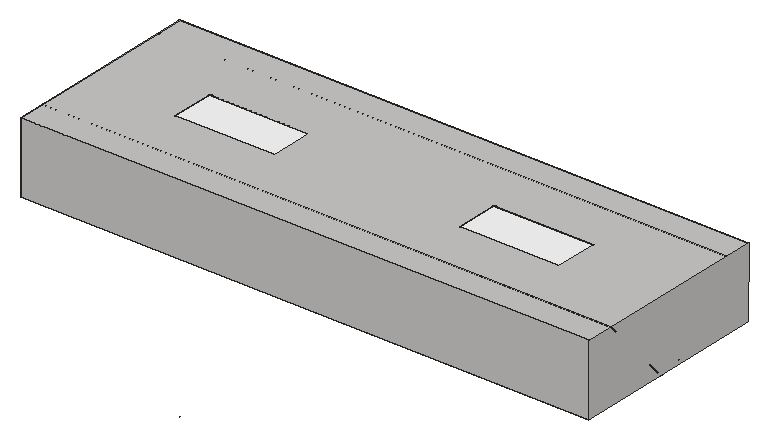
Revit family "QF_ELECTROLUXPROFESSIONAL_642036_EC1440T", category Specialty Equipment, Revit 2014
Reference planes
  plane 1: z = 0
  plane 2 "Center (Left/Right)": x = 150
  plane 3 "LEFT": x = -1850
  plane 4 "RIGHT": x = 2150
  plane 5 "BACK": y = 550
  plane 6 "TOP": z = 2500
  plane 7 "Base": z = 2000
  plane 8: z = 1946
  plane 9: x = -1847
  plane 10 "DrainX": x = 1999
  plane 11 "AOLeft2": x = -500
  plane 12 "AORight1": x = 800
  plane 13: x = 2147
  plane 14: x = -1650
  plane 15: x = 1950
  plane 16: x = 50
  plane 17: x = 250
  plane 18 "AOLeft1": x = -1200
  plane 19 "AORight2": x = 1500
  plane 20: y = 0
  plane 21: y = -300
  plane 22: y = -150
  plane 23: y = -850
  plane 24: through (0, 260.354, 2382.279) normal (0, 0.766, -0.6428)
  plane 25: through (0, -560.351, 2382.279) normal (0, -0.766, -0.6428)
  plane 26: through (0, 272.154, 2402.468) normal (0, -0.753, 0.6581)
  plane 27: through (0, -572.152, 2402.468) normal (0, -0.753, -0.6581)
Forms (mm)
  Extrusion 1, solid, material "QF_Finishes_Stainless Steel"
    sketch origin (-1850, 0, 360) x (0, 1, 0) y (0, 0, 1)
      loop
        line (550, 1640) -> (550, 2140) -> (-850, 2140) -> (-850, 1640) -> (550, 1640)
    from 0 to 3
  Extrusion 2, solid, material "QF_Finishes_Stainless Steel"
    sketch origin (2150, 0, 360) x (0, 1, 0) y (0, 0, 1)
      loop
        line (550, 1640) -> (550, 2140) -> (-850, 2140) -> (-850, 1640) -> (550, 1640)
    from 0 to -3
  Extrusion 3, solid, material "QF_Finishes_Stainless Steel"
    sketch origin (150, 0, 360) x (0, 1, 0) y (0, 0, 1)
      loop
        line (-850, 2140) -> (-850, 1640) -> (-840, 1640) -> (-840, 1640.8) -> (-849.2, 1640.8) -> (-849.2, 2139.19) -> (549.2, 2139.19) -> (549.2, 1640.8) -> (540, 1640.8) -> (540, 1640) -> (550, 1640) -> (550, 2140) -> (-850, 2140)
    from -2000 to 2000
  Extrusion 4, solid, material "QF_Finishes_Stainless Steel"
    sketch origin (0, -600, 2000) x (0, 1, 0) y (-1, 0, 0)
      loop
        circle (450, -1999) r 6.35
    from -3.799 to 0
  Extrusion 5, void
    sketch origin (0, 400, 2500) x (0, 1, 0) y (-1, 0, 0)
      loop
        line (-400, 500) -> (-400, 1200) -> (-700, 1200) -> (-700, 500) -> (-400, 500)
    from 0 to -10
  Extrusion 6, solid, material "QF_Finishes_Stainless Steel"
    sketch origin (0, 0, 0) x (1, 0, 0) y (0, 1, 0)
      loop
        line (-1850, 550) -> (-1850, 549) -> (-1849, 549) -> (-1849, 550) -> (-1850, 550)
    from 0 to 1
  Extrusion 7, solid, material "QF_Finishes_Stainless Steel"
    sketch origin (150, 0, 360) x (0, 1, 0) y (0, 0, 1)
      loop
        line (-79.471, 1685.734) -> (-56.882, 1665.992) -> (272.154, 2042.468) -> (249.566, 2062.21) -> (-79.471, 1685.734)
      loop
        line (-572.152, 2042.468) -> (-243.115, 1665.992) -> (-220.526, 1685.734) -> (-549.563, 2062.21) -> (-572.152, 2042.468)
    from -1800 to -1997
  Extrusion 8, solid, material "QF_Finishes_Stainless Steel"
    sketch origin (150, 0, 360) x (0, 1, 0) y (0, 0, 1)
      loop
        line (260.354, 2022.279) -> (358.454, 2139.19) -> (357.41, 2139.19) -> (266.169, 2030.453) -> (264.331, 2031.996) -> (257.903, 2024.336) -> (260.354, 2022.279)
      loop
        line (-39.202, 1672.761) -> (-56.017, 1663.363) -> (-81.407, 1685.429) -> (-81.974, 1684.862) -> (-54.914, 1661.345) -> (-90.242, 1641.601) -> (-209.758, 1641.601) -> (-245.086, 1661.345) -> (-218.026, 1684.862) -> (-218.593, 1685.429) -> (-243.983, 1663.363) -> (-260.798, 1672.761) -> (-262.311, 1670.055) -> (-209.966, 1640.801) -> (-90.034, 1640.801) -> (-37.689, 1670.055) -> (-39.202, 1672.761)
      loop
        line (-560.354, 2022.279) -> (-557.903, 2024.336) -> (-564.331, 2031.996) -> (-566.169, 2030.453) -> (-657.41, 2139.19) -> (-658.454, 2139.19) -> (-560.354, 2022.279)
    from -1997 to 1997
  Extrusion 9, solid, material "QF_Finishes_Stainless Steel"
    sketch origin (150, 0, 360) x (0, 1, 0) y (0, 0, 1)
      loop
        line (272.154, 2042.468) -> (249.566, 2062.21) -> (-79.471, 1685.734) -> (-56.882, 1665.992) -> (272.154, 2042.468)
      loop
        line (-572.154, 2042.468) -> (-243.118, 1665.992) -> (-220.529, 1685.734) -> (-549.566, 2062.21) -> (-572.154, 2042.468)
    from 1997 to 1800
  Extrusion 10, solid, material "QF_Finishes_Stainless Steel"
    sketch origin (150, 0, 360) x (0, 1, 0) y (0, 0, 1)
      loop
        line (272.154, 2042.468) -> (249.566, 2062.21) -> (-79.471, 1685.734) -> (-56.882, 1665.992) -> (272.154, 2042.468)
      loop
        line (-572.154, 2042.468) -> (-243.118, 1665.992) -> (-220.529, 1685.734) -> (-549.566, 2062.21) -> (-572.154, 2042.468)
    from -100 to 100
  Extrusion 11, solid, material "QF_Finished_Chrome"
    sketch origin (150, 0, 360) x (0, 1, 0) y (0, 0, 1)
      loop
        line (249.566, 2062.21) -> (-79.471, 1685.734) -> (-56.882, 1665.992) -> (272.154, 2042.468) -> (249.566, 2062.21)
      loop
        line (-549.566, 2062.21) -> (-572.154, 2042.468) -> (-243.118, 1665.992) -> (-220.529, 1685.734) -> (-549.566, 2062.21)
    from -1800 to -100
  Extrusion 12, solid, material "QF_Finished_Chrome"
    sketch origin (150, 0, 360) x (0, 1, 0) y (0, 0, 1)
      loop
        line (272.154, 2042.468) -> (249.566, 2062.21) -> (-79.471, 1685.734) -> (-56.882, 1665.992) -> (272.154, 2042.468)
      loop
        line (-572.154, 2042.468) -> (-243.118, 1665.992) -> (-220.529, 1685.734) -> (-549.566, 2062.21) -> (-572.154, 2042.468)
    from 100 to 1800
  Sweep 13, solid, material "QF_Finishes_Stainless Steel"
    path origin (0, 0, 0) x (1, 0, 0) y (0, 1, 0)
      loop
        line (2150, 550) -> (-1850, 550) -> (-1850, -850) -> (2150, -850) -> (2150, 550)
    profile origin (2150, -150, 0) x (1, 0, 0) y (0, 0, 1)
      loop
        line (-3, 2000) -> (-3, 2000.8) -> (-19, 2000.8) -> (-19, 2010) -> (-20, 2010) -> (-20, 2000) -> (-3, 2000)
  Extrusion 14, void
    sketch origin (0, 400, 2500) x (0, 1, 0) y (-1, 0, 0)
      loop
        line (-400, -1500) -> (-400, -800) -> (-700, -800) -> (-700, -1500) -> (-400, -1500)
    from 0 to -10
  Extrusion 15, solid, material "QF_Finishes_Stainless Steel"
    sketch origin (1999, 0, 0) x (0, 1, 0) y (0, 0, 1)
      loop
        arc (-105.855, 1994.063) -> (-104.106, 1996.894) -> (-100.969, 1998.001) r 5
        line (-100.969, 1998.001) -> (-94.999, 1998.001) -> (-94.999, 2000.8) -> (-204.999, 2000.8) -> (-204.999, 1998.001) -> (-199.028, 1998.001)
        arc (-199.028, 1998.001) -> (-195.891, 1996.894) -> (-194.142, 1994.063) r 5
        line (-194.142, 1994.063) -> (-187.139, 1955.845)
        arc (-187.139, 1955.845) -> (-182.768, 1948.768) -> (-174.924, 1946) r 12.5
        line (-174.924, 1946) -> (-125.073, 1946)
        arc (-125.073, 1946) -> (-117.229, 1948.768) -> (-112.859, 1955.845) r 12.5
        line (-112.859, 1955.845) -> (-105.855, 1994.063)
    from -90 to 90
Cuts and joins
  Extrusion 5, Extrusion 14 cuts Extrusion 3
  joined: Extrusion 2, Extrusion 3, Sweep 13
Lines and regions (mm)
  symbolic lines, style "SpecialityEquipment", detail levels coarse
    curve 1: line (2150, 550, 2500) -> (-1850, 550, 2500)
    curve 2: line (-1850, 550, 2500) -> (-1850, -850, 2500)
    curve 3: line (2150, -850, 2500) -> (2150, 550, 2500)
    curve 4: line (-1850, 550, 0) -> (2150, -850, 0)
    curve 5: line (2150, 550, 0) -> (-1850, -850, 0)
  symbolic lines, detail levels coarse
    curve 6: line (-1850, -850, 0) -> (2150, -850, 0)
    curve 7: line (-500, 0, 0) -> (-1200, 0, 0)
    curve 8: line (-500, -300, 0) -> (-500, 0, 0)
    curve 9: line (-1200, -300, 0) -> (-500, -300, 0)
    curve 10: line (-1200, 0, 0) -> (-1200, -300, 0)
    curve 11: line (1500, 0, 0) -> (800, 0, 0)
    curve 12: line (1500, -300, 0) -> (1500, 0, 0)
    curve 13: line (800, -300, 0) -> (1500, -300, 0)
    curve 14: line (800, 0, 0) -> (800, -300, 0)
Dimensions and locks
  plane 3 "LEFT" to plane 4 "RIGHT" = 4000 mm
  equal spacing: plane 3 "LEFT", plane 2 "Center (Left/Right)", plane 4 "RIGHT"
  plane 3 "LEFT" to plane 9 = 3 mm
  plane 10 "DrainX" to plane 4 "RIGHT" = 151 mm
  plane 13 to plane 4 "RIGHT" = 3 mm
  plane 3 "LEFT" to plane 14 = 200 mm
  plane 15 to plane 4 "RIGHT" = 200 mm
  locked: plane 11 "AOLeft2" to plane 12 "AORight1" at 1300
  equal spacing: plane 11 "AOLeft2", plane 2 "Center (Left/Right)", plane 12 "AORight1"
  locked: plane 7 "Base" to level at 2000
  locked: plane 6 "TOP" to plane 7 "Base" at 500
  locked: plane 16 to plane 17 at 200
  equal spacing: plane 16, plane 2 "Center (Left/Right)", plane 17
  plane 18 "AOLeft1" to plane 11 "AOLeft2" = 700 mm
  plane 12 "AORight1" to plane 19 "AORight2" = 700 mm
  plane 5 "BACK" to plane 23 = 1400 mm  (x2)
  equal spacing: plane 5 "BACK", plane 22, plane 23
  locked: plane 20 to plane 21 at 300
  equal spacing: plane 20, plane 22, plane 21
  plane 7 "Base" to plane 8 = 54 mm
  aligned and locked: level to plane 1
  aligned and locked: plane 4 "RIGHT" to Extrusion 3
  aligned and locked: Extrusion 3 to plane 3 "LEFT"
  aligned and locked: Extrusion 7 to plane 9
  aligned and locked: Extrusion 7 to plane 14
  aligned and locked: Extrusion 2 to plane 13
  aligned and locked: plane 13 to Extrusion 9
  aligned and locked: plane 15 to Extrusion 9
  aligned and locked: plane 17 to Extrusion 10
  aligned and locked: Extrusion 10 to plane 16
  aligned and locked: plane 16 to Extrusion 11
  aligned and locked: Extrusion 11 to plane 14
  aligned and locked: Extrusion 12 to plane 17
  aligned and locked: Extrusion 12 to plane 15
  aligned and locked: Extrusion 8 to plane 9
  aligned and locked: plane 13 to Extrusion 8
  aligned and locked: Extrusion 5 to plane 18 "AOLeft1"
  aligned and locked: Extrusion 5 to plane 11 "AOLeft2"
  aligned and locked: plane 12 "AORight1" to Extrusion 14
  aligned and locked: plane 19 "AORight2" to Extrusion 14
  aligned and locked: plane 20 to curve 7
  aligned and locked: curve 9 to plane 21
  aligned and locked: plane 20 to curve 11
  aligned and locked: curve 13 to plane 21
  aligned and locked: plane 20 to Extrusion 5 sketch curve
  aligned and locked: Extrusion 5 sketch curve to plane 21
  aligned and locked: plane 20 to Extrusion 14 sketch curve
Automatic sketch dimensions
  Extrusion 1 sketch curve to plane 7 "Base" = 0 mm
  Extrusion 1 sketch curve to plane 5 "BACK" = 0 mm
  Extrusion 1 sketch curve to plane 6 "TOP" = 0 mm
  Extrusion 2 sketch curve to plane 7 "Base" = 0 mm
  Extrusion 2 sketch curve to plane 5 "BACK" = 0 mm
  Extrusion 2 sketch curve to plane 6 "TOP" = 0 mm
  Extrusion 3 sketch curve to plane 6 "TOP" = 0 mm
  Extrusion 3 sketch curve to plane 7 "Base" = 0 mm  (x2)
  Extrusion 3 sketch curve to plane 5 "BACK" = 0 mm
  Extrusion 3 sketch curve to Extrusion 3 sketch curve = 9.2 mm
  plane 7 "Base" to Extrusion 3 sketch curve = 0.8 mm  (x2)
  Extrusion 3 sketch curve to plane 5 "BACK" = 10 mm
  Extrusion 3 sketch curve to plane 5 "BACK" = 0.8 mm
  Extrusion 3 sketch curve to plane 6 "TOP" = 0.81 mm
  Extrusion 4 sketch curve to plane 10 "DrainX" = 0 mm
  Extrusion 5 sketch curve to plane 11 "AOLeft2" = 0 mm
  Extrusion 5 sketch curve to plane 18 "AOLeft1" = 0 mm
  Extrusion 6 sketch curve to plane 3 "LEFT" = 0 mm
  Extrusion 6 sketch curve to plane 5 "BACK" = 0 mm
  plane 3 "LEFT" to Extrusion 6 sketch curve = 1 mm
  Extrusion 6 sketch curve to Extrusion 6 sketch curve = 1 mm
  Sweep 13 sketch curve to plane 3 "LEFT" = 0 mm
  Sweep 13 sketch curve to plane 4 "RIGHT" = 0 mm
  Sweep 13 sketch curve to plane 5 "BACK" = 0 mm
  profile plane to Sweep 13 sketch curve = 20 mm
  Sweep 13 sketch curve to Sweep 13 sketch curve = 1 mm
  profile plane to Sweep 13 sketch curve = 3 mm
  level to Sweep 13 sketch curve = 2000 mm
  Sweep 13 sketch curve to Sweep 13 sketch curve = 0.8 mm
  Sweep 13 sketch curve to Sweep 13 sketch curve = 9.2 mm
  Extrusion 14 sketch curve to plane 11 "AOLeft2" = 2000 mm
  plane 18 "AOLeft1" to Extrusion 14 sketch curve = 2000 mm
  Extrusion 14 sketch curve to Extrusion 14 sketch curve = 300 mm
  Extrusion 1 sketch curve to plane 21 = 550 mm
  Extrusion 2 sketch curve to plane 21 = 550 mm
  Extrusion 3 sketch curve to plane 21 = 540 mm
  Extrusion 3 sketch curve to Extrusion 3 sketch curve = 0.8 mm
  Sweep 13 sketch curve to plane 21 = 550 mm
  curve 5 to plane 3 "LEFT" = 0 mm
  curve 4 to plane 3 "LEFT" = 0 mm
  curve 10 to plane 18 "AOLeft1" = 0 mm
  curve 8 to plane 11 "AOLeft2" = 0 mm
  curve 14 to plane 12 "AORight1" = 0 mm
  curve 12 to plane 19 "AORight2" = 0 mm
  curve 5 to plane 4 "RIGHT" = 0 mm
  curve 6 to plane 4 "RIGHT" = 0 mm
  curve 4 to plane 5 "BACK" = 0 mm
  curve 5 to plane 5 "BACK" = 0 mm
  curve 6 to plane 23 = 0 mm
  Extrusion 7 sketch curve to plane 26 = 0 mm  (x2)
  Extrusion 7 sketch curve to plane 6 "TOP" = 77.79 mm  (x2)
  plane 7 "Base" to Extrusion 7 sketch curve = 25.992 mm  (x2)
  plane 7 "Base" to Extrusion 7 sketch curve = 45.734 mm
  Extrusion 7 sketch curve to plane 27 = 0 mm
  plane 27 to Extrusion 7 sketch curve = 0 mm
  Extrusion 7 sketch curve to plane 22 = 70.526 mm
  Extrusion 11 sketch curve to plane 26 = 0 mm  (x2)
  Extrusion 11 sketch curve to plane 21 = 272.154 mm
  Extrusion 11 sketch curve to plane 6 "TOP" = 77.79 mm  (x2)
  Extrusion 11 sketch curve to Extrusion 11 sketch curve = 22.589 mm
  plane 7 "Base" to Extrusion 11 sketch curve = 25.992 mm  (x2)
  plane 21 to Extrusion 11 sketch curve = 56.882 mm
  plane 22 to Extrusion 11 sketch curve = 70.529 mm
  Extrusion 10 sketch curve to plane 26 = 0 mm  (x2)
  Extrusion 10 sketch curve to plane 21 = 272.154 mm
  Extrusion 10 sketch curve to plane 6 "TOP" = 77.79 mm  (x2)
  Extrusion 10 sketch curve to Extrusion 10 sketch curve = 22.589 mm
  plane 7 "Base" to Extrusion 10 sketch curve = 25.992 mm  (x2)
  plane 21 to Extrusion 10 sketch curve = 56.882 mm
  plane 22 to Extrusion 10 sketch curve = 70.529 mm
  Extrusion 12 sketch curve to plane 26 = 0 mm  (x2)
  Extrusion 12 sketch curve to plane 21 = 272.154 mm
  Extrusion 12 sketch curve to plane 6 "TOP" = 77.79 mm  (x2)
  Extrusion 12 sketch curve to Extrusion 12 sketch curve = 22.589 mm
  plane 7 "Base" to Extrusion 12 sketch curve = 25.992 mm  (x2)
  plane 21 to Extrusion 12 sketch curve = 56.882 mm
  plane 22 to Extrusion 12 sketch curve = 70.529 mm
  Extrusion 9 sketch curve to plane 26 = 0 mm  (x2)
  Extrusion 9 sketch curve to plane 21 = 272.154 mm
  Extrusion 9 sketch curve to plane 6 "TOP" = 77.79 mm  (x2)
  Extrusion 9 sketch curve to Extrusion 9 sketch curve = 22.589 mm
  plane 7 "Base" to Extrusion 9 sketch curve = 25.992 mm  (x2)
  plane 21 to Extrusion 9 sketch curve = 56.882 mm
  plane 22 to Extrusion 9 sketch curve = 70.529 mm
  Extrusion 4 sketch curve to plane 22 = 0 mm
  plane 7 "Base" to Extrusion 15 sketch curve = 0.8 mm
  Extrusion 15 sketch curve to plane 22 = 54.999 mm
  Extrusion 15 sketch curve to Extrusion 15 sketch curve = 5.97 mm  (x2)
  Extrusion 15 sketch curve to Extrusion 15 sketch curve = 4.886 mm  (x2)
  plane 8 to Extrusion 15 sketch curve = 9.845 mm  (x2)
  Extrusion 15 sketch curve to Extrusion 15 sketch curve = 7.004 mm  (x2)
  plane 8 to Extrusion 15 sketch curve = 12.5 mm
  Extrusion 15 sketch curve to Extrusion 15 sketch curve = 12.215 mm  (x2)
  plane 22 to Extrusion 15 sketch curve = 24.927 mm
  Extrusion 15 sketch curve to plane 7 "Base" = 5.937 mm
  Extrusion 15 sketch curve to plane 7 "Base" = 1.999 mm  (x2)
  Extrusion 15 sketch curve to Extrusion 15 sketch curve = 1.062 mm
  plane 24 to Extrusion 8 sketch curve = 0 mm  (x2)
  Extrusion 8 sketch curve to plane 6 "TOP" = 0.81 mm  (x2)
  plane 23 to Extrusion 8 sketch curve = 191.546 mm
  Extrusion 8 sketch curve to Extrusion 8 sketch curve = 1.044 mm
  Extrusion 8 sketch curve to plane 6 "TOP" = 109.547 mm  (x2)
  Extrusion 8 sketch curve to Extrusion 8 sketch curve = 91.241 mm
  Extrusion 8 sketch curve to plane 6 "TOP" = 108.004 mm  (x2)
  Extrusion 8 sketch curve to plane 6 "TOP" = 117.721 mm
  plane 21 to Extrusion 8 sketch curve = 37.689 mm
  plane 7 "Base" to Extrusion 8 sketch curve = 32.761 mm
  Extrusion 8 sketch curve to Extrusion 8 sketch curve = 1.512 mm
  plane 7 "Base" to Extrusion 8 sketch curve = 21.345 mm  (x2)
  Extrusion 8 sketch curve to Extrusion 8 sketch curve = 17.225 mm
  plane 7 "Base" to Extrusion 8 sketch curve = 23.363 mm  (x2)
  Extrusion 8 sketch curve to Extrusion 8 sketch curve = 1.103 mm  (x2)
  Extrusion 8 sketch curve to Extrusion 8 sketch curve = 25.389 mm  (x2)
  Extrusion 8 sketch curve to Extrusion 8 sketch curve = 0.567 mm  (x4)
  plane 7 "Base" to Extrusion 8 sketch curve = 0.801 mm
  plane 7 "Base" to Extrusion 8 sketch curve = 1.601 mm
  plane 22 to Extrusion 8 sketch curve = 59.758 mm
  Extrusion 8 sketch curve to Extrusion 8 sketch curve = 0.208 mm  (x2)
  Extrusion 8 sketch curve to Extrusion 8 sketch curve = 8.268 mm
  Extrusion 8 sketch curve to Extrusion 8 sketch curve = 16.816 mm
  plane 7 "Base" to Extrusion 8 sketch curve = 30.055 mm
  Extrusion 8 sketch curve to plane 6 "TOP" = 115.664 mm
  plane 20 to Extrusion 8 sketch curve = 257.903 mm
  Extrusion 8 sketch curve to Extrusion 8 sketch curve = 21.498 mm  (x2)
  curve 2 to plane 3 "LEFT" = 0 mm
  curve 2 to plane 23 = 0 mm
  curve 3 to plane 4 "RIGHT" = 0 mm
  curve 3 to plane 23 = 0 mm
  curve 2 to plane 5 "BACK" = 0 mm
  radius of Extrusion 4 sketch curve = 6.35 mm
Connectors
  piping at (1999, -150, 1996.201), diameter 12.7
    settings: on Extrusion 4, index 1, connector inside diameter 609.6 mm, connector length 0 mm, flow factor 0, pipe flow 0.0 L/s, pressure drop 0.0 Pa, fitting loss kfactor 0, connector angle 0.00°, fixture units 0, engagement length 0 mm, angle of deflection 0.00°, flow configuration 1, flow direction 2, fitting loss method 0, system type 16, joint type 0, gender type 0, connector reference index -1, connector utility 0, adjustable connector no, is connector primary yes, connector description "Drain"
  hvac at (-850, -150, 2500)
    settings: on Extrusion 5, index 2, duct flow 0.0 L/s, flow factor 0, pres drop 0.0 Pa, loss coef 0, conn angle 0.00°, conn width 300 mm, conn height 700 mm, conn diameter 609.6 mm, duct sys type 3, conn prof type 1, flow config 1, flow direction 2, loss method 0, conn ref index -1, conn util no, is conn primary yes, conn desc "EXHAUST OUTLET"
  hvac at (1150, -150, 2500)
    settings: on Extrusion 14, index 3, duct flow 0.0 L/s, flow factor 0, pres drop 0.0 Pa, loss coef 0, conn angle 0.00°, conn width 300 mm, conn height 700 mm, conn diameter 609.6 mm, duct sys type 3, conn prof type 1, flow config 1, flow direction 2, loss method 0, conn ref index -1, conn util no, is conn primary no, conn desc "EXHAUST OUTLET"
